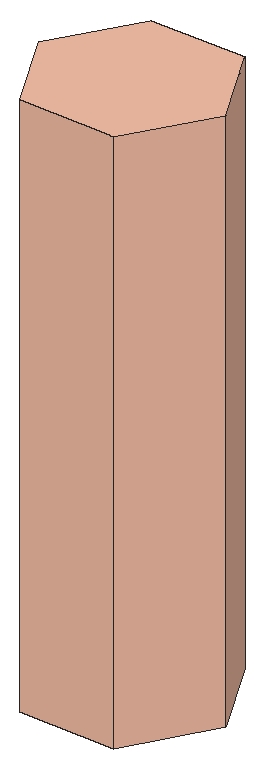
Revit family "$Player_Mouse", category Generic Models, Revit 2020
Family settings
  Can host rebar = No
  Round Connector Dimension = Use Diameter
  Part Type = Normal
  Work Plane-Based = No
  Always vertical = Yes
  Cut with Voids When Loaded = No
  Shared = No
  Room Calculation Point = No
Parameters (values of type "SD")
  yes = 2 > 1  # yes
  show_standard [instance] = not(show_overweight)  # yes
  show_overweight [instance] = _property_is_overweight  # no
  no = not(yes)  # no
  mat. = team #2
  _property_team = "team #2"
  _property_positionID = -50
  _property_name = "Peter"
  _property_luck = 50
  _property_is_overweight = no
  _property_hold_status = "Starter"
  _property_hold_amount = 1
  _asset_tools = ""
  _asset_skills = ""
  _asset_money = 1000
  _asset_direction = 1
  Default Elevation = 0 mm
Reference planes
  plane 1 "Center (Front/Back)": y = 0
  plane 2: z = 0
  plane 3 "Center (Left/Right)": x = 0
Forms (mm)
  Extrusion 1, solid, material "team #2" <- "mat.", visible <- "show_standard"
    sketch origin (0, 0, 0) x (1, 0, 0) y (0, 1, 0)
      loop
        line (300, 0) -> (150, 259.808) -> (-150, 259.808) -> (-300, 0) -> (-150, -259.808) -> (150, -259.808) -> (300, 0)
    from 0 to 1750
  Extrusion 2, solid, material "team #2" <- "mat.", visible <- "show_overweight"
    sketch origin (0, 0, 0) x (1, 0, 0) y (0, 1, 0)
      loop
        line (500, 0) -> (250, 433.013) -> (-250, 433.013) -> (-500, 0) -> (-250, -433.013) -> (250, -433.013) -> (500, 0)
    from 0 to 1300
Dimensions and locks
  aligned and locked: plane 2 to level
  aligned and locked: plane 1 "Center (Front/Back)" to nested 1
  aligned and locked: plane 3 "Center (Left/Right)" to nested 1
Nested families
  nested 1: "NAME_SYMBOL" at (0, 0, 0), _property_name <- "_property_name", _property_positionID <- "_property_positionID", type "NAME_SYMBOL"
    with _property_positionID -50, _property_name "Peter"
Definition of nested family "NAME_SYMBOL"
  Parameters (values of type "NAME_SYMBOL")
    _property_positionID [instance] = 0
    _property_name [instance] = ""
  Reference planes
    plane 1: y = 0
    plane 2: x = 0
  Lines and regions (mm)
    detail lines
      curve 1: line (-15, -5, 0) -> (15, -5, 0)
      curve 2: line (-15, 5, 0) -> (-15, -5, 0)
      curve 3: line (15, 5, 0) -> (-15, 5, 0)
      curve 4: line (15, -5, 0) -> (15, 5, 0)
  Text (mm)
    label "A\npositionID = _property_positionID" at (0.077, 0.299, 0), shows "_property_name", "_property_positionID"
